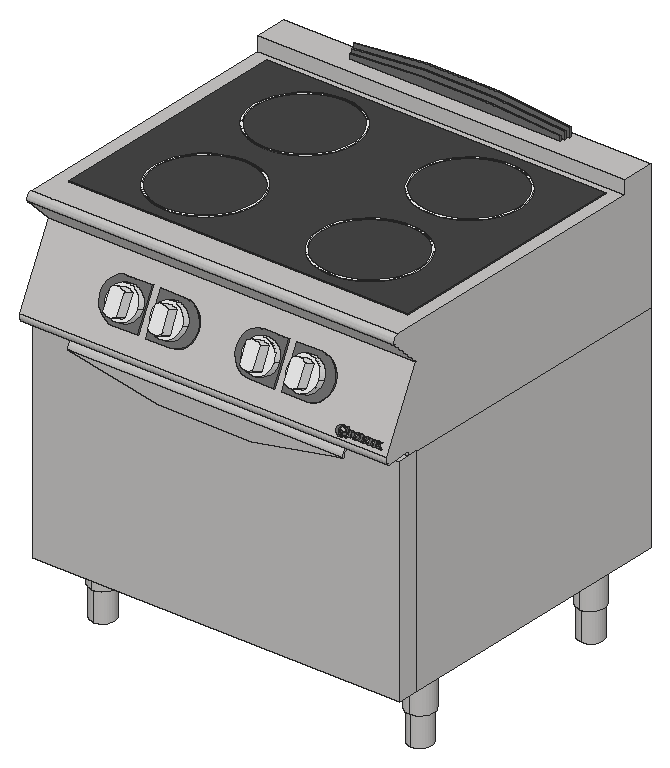
Revit family "QF_GIORIK_CV740E", category Specialty Equipment, Revit 2014
Parameters (values of type "CV740E")
  Weight in Pounds = 286.6006
  Watts = 14400 W
  Volts = 400 V
  URL Cutsheet = "www.giorik.com"
  URL = "www.giorik.com"
  Status [instance] = ""
  Specification by User [instance] = ""
  Specification by Manufacturer = ""
  Show Logo [instance] = yes
  Show Clearance [instance] = yes
  Serial Number = ""
  Seismic Rating = ""
  SMACNA No = ""
  Revision Code [instance] = ""
  Phase = 3
  Number of Poles [instance] = 3
  NAFEM Spec ID Number = ""
  Model = "CV740E"
  Min Ckt Ampacity = 0 A
  Max Overcurrent Protection = 0 A
  Masterspec = ""
  Manufacturer = "GIORIK"
  Item Number [instance] = ""
  Installed By [instance] = ""
  Identify Quantity as Lot [instance] = no
  HP = "19.310688000000"
  Furnished By [instance] = ""
  Foodservice Equipment Identifier [instance] = yes
  FL Amps = 0 A
  Electrical Remarks [instance] = ""
  Electric Connection Type [instance] = ""
  Elec Conn RI Height [instance] = 0 mm
  Elec Conn Connection Height [instance] = 150 mm
  Description = "CERAMIC GLASS HOB ON ELECTRIC OVEN"
  Cycle = 50 Hz
  Conn Plug = ""
  CSI MasterFormat = ""
  Assembly Code = "E1090320"
  Apparent Power = 14400 VA
Reference planes
  plane 1 "Back": y = 0
  plane 2: z = 0
  plane 3 "Left": x = 0
  plane 4 "Right": x = 800
  plane 5 "Front": y = -720
  plane 6 "Top": z = 900
Forms (mm)
  Extrusion 1, solid, visible <- "Show Logo"
    sketch origin (591.604, -736.761, 609.486) x (-1, 0, 0) y (0, 0.452718, 0.891654)
      loop
        line (-118.824, 58.358) -> (-127.804, 58.358) -> (-125.523, 56.445) -> (-125.523, 48.027) -> (-127.804, 46.113) -> (-118.824, 46.113) -> (-121.105, 48.027) -> (-121.105, 56.445) -> (-118.824, 58.358)
      loop
        line (-163.721, 58.358) -> (-172.7, 58.358) -> (-170.42, 56.445) -> (-170.42, 48.027) -> (-172.7, 46.113) -> (-163.721, 46.113) -> (-166.001, 48.027) -> (-166.001, 56.445) -> (-163.721, 58.358)
      loop
        line (-174.332, 58.358) -> (-183.312, 58.358) -> (-181.031, 56.445) -> (-181.031, 52.435) -> (-186.419, 56.955) -> (-184.416, 58.358) -> (-191.268, 58.358) -> (-188.01, 56.839) -> (-185.455, 54.283) -> (-190.846, 47.858) -> (-193.396, 46.93) -> (-193.396, 46.113) -> (-184.416, 46.113) -> (-185.437, 47.571) -> (-182.443, 51.552) -> (-181.031, 50.894) -> (-181.031, 48.027) -> (-183.312, 46.113) -> (-174.332, 46.113) -> (-176.613, 48.027) -> (-176.613, 56.445) -> (-174.332, 58.358)
      loop
        line (-115.429, 62.063) -> (-115.429, 54.198)
        arc (-115.429, 54.198) -> (-111.618, 57.803) -> (-106.847, 59.986) r 16.039
        arc (-106.847, 59.986) -> (-103.314, 59.837) -> (-100.512, 57.68) r 5.851
        arc (-100.512, 57.68) -> (-98.815, 52.267) -> (-100.512, 46.853) r 9.479
        arc (-100.512, 46.853) -> (-102.406, 44.986) -> (-104.846, 43.93) r 7.236
        arc (-104.846, 43.93) -> (-107.728, 44.111) -> (-110.052, 45.825) r 5.11
        line (-110.052, 45.825) -> (-110.052, 52.001) -> (-116.141, 52.001) -> (-116.141, 45.503) -> (-117.893, 43.751) -> (-114.094, 44.769)
        arc (-114.094, 44.769) -> (-112.56, 44.947) -> (-111.129, 44.366) r 3.115
        arc (-111.129, 44.366) -> (-104.216, 42.091) -> (-97.303, 44.366) r 11.641
        arc (-97.303, 44.366) -> (-93.396, 52.107) -> (-97.303, 59.849) r 9.622
        arc (-97.303, 59.849) -> (-104.369, 62.174) -> (-111.435, 59.849) r 11.898
        line (-111.435, 59.849) -> (-115.429, 62.063)
      loop
        arc (-129.234, 56.068) -> (-135.893, 58.628) -> (-142.552, 56.068) r 9.941
        arc (-142.552, 56.068) -> (-144.234, 52.286) -> (-142.552, 48.505) r 5.093
        arc (-142.552, 48.505) -> (-135.893, 45.945) -> (-129.234, 48.505) r 9.941
        arc (-129.234, 48.505) -> (-127.552, 52.286) -> (-129.234, 56.068) r 5.093
      loop
        arc (-132.628, 54.403) -> (-135.893, 57.668) -> (-139.158, 54.403) r 3.265
        line (-139.158, 54.403) -> (-139.158, 50.169)
        arc (-139.158, 50.169) -> (-135.893, 46.904) -> (-132.628, 50.169) r 3.265
        line (-132.628, 50.169) -> (-132.628, 54.403)
      loop
        arc (-156.363, 58.365) -> (-159.647, 55.081) -> (-156.363, 51.796) r 3.285
        line (-156.363, 51.796) -> (-159.529, 47.306) -> (-162.087, 46.113) -> (-155.847, 46.113) -> (-153.529, 51.083) -> (-150.637, 51.083) -> (-150.637, 47.784) -> (-153.022, 46.113) -> (-144.011, 46.113) -> (-146.094, 47.68) -> (-146.094, 56.493) -> (-144.229, 58.365) -> (-156.363, 58.365)
      loop
        line (-150.637, 57.512) -> (-153.637, 57.512)
        arc (-153.637, 57.512) -> (-156.237, 54.912) -> (-153.637, 52.312) r 2.6
        line (-153.637, 52.312) -> (-150.637, 52.312) -> (-150.637, 57.512)
      loop
        line (-108.924, 52.001) -> (-104.936, 49.005) -> (-100.948, 52.001) -> (-108.924, 52.001)
    from 1.5 to -0.5
  Extrusion 2, solid
    sketch origin (-16, 1025.81, 0) x (1, 0, 0) y (0, 1, 0)
      loop
        line (25, -1086.81) -> (25, -1156.81) -> (115, -1156.81) -> (115, -1086.81) -> (25, -1086.81)
    from 148 to 150
  Extrusion 3, solid
    sketch origin (-4, 0, 130) x (1, 0, 0) y (0, 1, 0)
      loop
        circle (54, -385) r 12.5
    from 0 to 20
  Extrusion 4, solid
    sketch origin (0, 1000, -20) x (0, 1, 0) y (0, 0, 1)
      loop
        line (-1000, 919.988) -> (-1070, 919.988) -> (-1070, 889.988) -> (-1688.806, 889.988)
        arc (-1688.806, 889.988) -> (-1699.151, 883.075) -> (-1696.724, 870.873) r 11.197
        line (-1696.724, 870.873) -> (-1640.876, 815.025) -> (-1718.948, 661.258)
        arc (-1718.948, 661.258) -> (-1718.233, 650.105) -> (-1708.118, 645.354) r 10.981
        line (-1708.118, 645.354) -> (-1660, 649.925) -> (-1660, 640) -> (-1000, 640) -> (-1000, 919.988)
    from 0 to 800
  Extrusion 5, solid
    sketch origin (0, 0, 599.536) x (1, 0, 0) y (0, 1, 0)
      loop
        line (0, -640) -> (40, -640) -> (40, -40) -> (760, -40) -> (760, -640) -> (800, -640) -> (800, 0) -> (0, 0) -> (0, -640)
    from -449.536 to 20.464
  Extrusion 6, solid
    sketch origin (0, 0, 0) x (1, 0, 0) y (0, 1, 0)
      loop
        line (40, -40) -> (40, -640) -> (760, -640) -> (760, -40) -> (40, -40)
    from 150 to 190
  Extrusion 7, solid
    sketch origin (-16, 560.81, 0) x (1, 0, 0) y (0, 1, 0)
      loop
        line (25, -1086.81) -> (25, -1156.81) -> (115, -1156.81) -> (115, -1086.81) -> (25, -1086.81)
    from 148 to 150
  Revolve 8, solid
    sketch origin (54, 560.81, 0) x (0, 1, 0) y (0, 0, 1)
      loop
        line (-1092.56, 66) -> (-1092.56, 148) -> (-1121.81, 148) -> (-1121.81, 0) -> (-1096.81, 0) -> (-1096.81, 66) -> (-1092.56, 66)
      axis (-1121.81, 0) -> (-1121.81, 148)
    angle from 0 to 360
  Revolve 9, solid
    sketch origin (54, 1025.81, 0) x (0, 1, 0) y (0, 0, 1)
      loop
        line (-1092.56, 66) -> (-1092.56, 148) -> (-1121.81, 148) -> (-1121.81, 0) -> (-1096.81, 0) -> (-1096.81, 66) -> (-1092.56, 66)
      axis (-1121.81, 0) -> (-1121.81, 148)
    angle from 0 to 360
  Extrusion 10, solid
    sketch origin (816, 560.81, 0) x (-1, 0, 0) y (0, -1, 0)
      loop
        line (25, 1086.81) -> (115, 1086.81) -> (115, 1156.81) -> (25, 1156.81) -> (25, 1086.81)
    from 148 to 150
  Revolve 11, solid
    sketch origin (746, 560.81, 0) x (0, 1, 0) y (0, 0, -1)
      loop
        line (-1092.56, -66) -> (-1096.81, -66) -> (-1096.81, 0) -> (-1121.81, 0) -> (-1121.81, -148) -> (-1092.56, -148) -> (-1092.56, -66)
      axis (-1121.81, 0) -> (-1121.81, -148)
    angle from 0 to 360
  Extrusion 12, solid
    sketch origin (816, -1217.81, 0) x (-1, 0, 0) y (0, -1, 0)
      loop
        line (25, -1086.81) -> (25, -1156.81) -> (115, -1156.81) -> (115, -1086.81) -> (25, -1086.81)
    from 148 to 150
  Revolve 13, solid
    sketch origin (746, -1217.81, 0) x (0, -1, 0) y (0, 0, 1)
      loop
        line (-1092.56, 66) -> (-1092.56, 148) -> (-1121.81, 148) -> (-1121.81, 0) -> (-1096.81, 0) -> (-1096.81, 66) -> (-1092.56, 66)
      axis (-1121.81, 0) -> (-1121.81, 148)
    angle from 0 to 360
  Extrusion 14, solid
    sketch origin (-220.755, -963.345, 52.363) x (1, 0, 0) y (0, 0.452718, 0.891654)
      loop
        line (463.221, 676.25) -> (463.221, 766.25) -> (409.698, 766.25)
        arc (409.698, 766.25) -> (364.698, 721.25) -> (409.698, 676.25) r 45
        line (409.698, 676.25) -> (463.221, 676.25)
    from 48 to 50
  Extrusion 15, solid
    sketch origin (553.797, -1008.697, 74.959) x (-1, 0, 0) y (0, -0.45351, -0.891251)
      loop
        circle (351.331, -721.346) r 35
    from 0 to 15
  Extrusion 16, solid
    sketch origin (553.797, -1008.697, 74.959) x (-1, 0, 0) y (0, -0.45351, -0.891251)
      loop
        arc (336.331, -743.846) -> (351.331, -748.846) -> (366.331, -743.846) r 25
        line (366.331, -743.846) -> (366.331, -698.846)
        arc (366.331, -698.846) -> (351.331, -693.846) -> (336.331, -698.846) r 25
        line (336.331, -698.846) -> (336.331, -743.846)
    from 15 to 40
  Extrusion 17, solid
    sketch origin (723.221, -963.345, 52.363) x (-1, 0, 0) y (0, -0.452718, -0.891654)
      loop
        line (463.221, -676.25) -> (409.698, -676.25)
        arc (409.698, -676.25) -> (364.698, -721.25) -> (409.698, -766.25) r 45
        line (409.698, -766.25) -> (463.221, -766.25) -> (463.221, -676.25)
    from 48 to 50
  Extrusion 18, solid
    sketch origin (-51.331, -1008.697, 74.959) x (1, 0, 0) y (0, 0.45351, 0.891251)
      loop
        circle (351.331, 721.346) r 35
    from 0 to 15
  Extrusion 19, solid
    sketch origin (-51.331, -1008.697, 74.959) x (1, 0, 0) y (0, 0.45351, 0.891251)
      loop
        line (336.331, 743.846) -> (336.331, 698.846)
        arc (336.331, 698.846) -> (351.331, 693.846) -> (366.331, 698.846) r 25
        line (366.331, 698.846) -> (366.331, 743.846)
        arc (366.331, 743.846) -> (351.331, 748.846) -> (336.331, 743.846) r 25
    from 15 to 40
  Extrusion 20, solid
    sketch origin (76.779, -963.345, 52.363) x (1, 0, 0) y (0, 0.452718, 0.891654)
      loop
        line (463.221, 676.25) -> (463.221, 766.25) -> (409.698, 766.25)
        arc (409.698, 766.25) -> (364.698, 721.25) -> (409.698, 676.25) r 45
        line (409.698, 676.25) -> (463.221, 676.25)
    from 48 to 50
  Extrusion 21, solid
    sketch origin (851.331, -1008.697, 74.959) x (-1, 0, 0) y (0, -0.45351, -0.891251)
      loop
        circle (351.331, -721.346) r 35
    from 0 to 15
  Extrusion 22, solid
    sketch origin (851.331, -1008.697, 74.959) x (-1, 0, 0) y (0, -0.45351, -0.891251)
      loop
        arc (336.331, -743.846) -> (351.331, -748.846) -> (366.331, -743.846) r 25
        line (366.331, -743.846) -> (366.331, -698.846)
        arc (366.331, -698.846) -> (351.331, -693.846) -> (336.331, -698.846) r 25
        line (336.331, -698.846) -> (336.331, -743.846)
    from 15 to 40
  Extrusion 23, solid
    sketch origin (1020.755, -963.345, 52.363) x (-1, 0, 0) y (0, -0.452718, -0.891654)
      loop
        line (463.221, -676.25) -> (409.698, -676.25)
        arc (409.698, -676.25) -> (364.698, -721.25) -> (409.698, -766.25) r 45
        line (409.698, -766.25) -> (463.221, -766.25) -> (463.221, -676.25)
    from 48 to 50
  Extrusion 24, solid
    sketch origin (246.203, -1008.697, 74.959) x (1, 0, 0) y (0, 0.45351, 0.891251)
      loop
        circle (351.331, 721.346) r 35
    from 0 to 15
  Extrusion 25, solid
    sketch origin (246.203, -1008.697, 74.959) x (1, 0, 0) y (0, 0.45351, 0.891251)
      loop
        line (336.331, 743.846) -> (336.331, 698.846)
        arc (336.331, 698.846) -> (351.331, 693.846) -> (366.331, 698.846) r 25
        line (366.331, 698.846) -> (366.331, 743.846)
        arc (366.331, 743.846) -> (351.331, 748.846) -> (336.331, 743.846) r 25
    from 15 to 40
  Extrusion 26, solid
    sketch origin (36.031, 0, -10.001) x (1, 0, 0) y (0, 0, 1)
      loop
        line (135, 909.989) -> (592.969, 909.989) -> (592.969, 919.989) -> (440.969, 929.989) -> (287, 929.989) -> (135, 919.989) -> (135, 909.989)
    from 32 to 35
  Extrusion 27, solid
    sketch origin (38, 10, -10.001) x (1, 0, 0) y (0, 0, 1)
      loop
        line (594, 909.989) -> (594, 924.989) -> (440, 937.489) -> (284, 937.489) -> (130, 925.001) -> (130, 909.989) -> (594, 909.989)
    from 32 to 35
  Extrusion 28, solid
    sketch origin (40, 20, -10.001) x (1, 0, 0) y (0, 0, 1)
      loop
        line (595, 909.989) -> (595, 930.001) -> (439, 945.258) -> (281, 945.258) -> (125, 929.989) -> (125, 909.989) -> (595, 909.989)
    from 32 to 35
  Extrusion 29, solid
    sketch origin (0.216, 0.239, 821) x (0, 1, 0) y (-1, 0, 0)
      loop
        line (-625, -30) -> (-625, -769.568) -> (-85, -769.568) -> (-85, -30) -> (-625, -30)
    from 48 to 50
  Extrusion 30, solid
    sketch origin (30.216, -722.261, 848.488) x (0, -1, 0) y (1, 0, 0)
      loop
        circle (-231.5, 189.999) r 110
      loop
        circle (-231.5, 189.999) r 106.5
    from 23 to 20.512
  Extrusion 31, solid
    sketch origin (30.216, -450.261, 848.488) x (0, -1, 0) y (1, 0, 0)
      loop
        circle (-231.5, 189.999) r 110
      loop
        circle (-231.5, 189.999) r 106.5
    from 23 to 20.512
  Extrusion 32, solid
    sketch origin (769.784, -722.261, 848.488) x (0, -1, 0) y (1, 0, 0)
      loop
        circle (-231.5, -189.999) r 110
      loop
        circle (-231.5, -189.999) r 106.5
    from 23 to 20.512
  Extrusion 33, solid
    sketch origin (769.784, -450.261, 848.488) x (0, -1, 0) y (1, 0, 0)
      loop
        circle (-231.5, -189.999) r 110
      loop
        circle (-231.5, -189.999) r 106.5
    from 23 to 20.512
  Extrusion 34, solid
    sketch origin (0, -725, 0) x (1, 0, 0) y (0, 0, 1)
      loop
        line (0, 620) -> (0, 150) -> (800, 150) -> (800, 620) -> (0, 620)
    from -85 to -40
  Extrusion 35, solid
    sketch origin (2.5, -725, -20.1) x (0, 1, 0) y (0, 0, 1)
      loop
        arc (25, 640.1) -> (14.393, 635.707) -> (10, 625.1) r 15
        line (10, 625.1) -> (12, 625.1)
        arc (12, 625.1) -> (15.808, 634.292) -> (25, 638.1) r 13
        line (25, 638.1) -> (40, 638.1) -> (40, 640.1) -> (25, 640.1)
    from 97.5 to 697.5
  Extrusion 36, solid
    sketch origin (2.5, -724.905, -20.1) x (1, 0, 0) y (0, 0, 1)
      loop
        arc (97.5, 625.1) -> (397.5, 582.413) -> (697.5, 625.1) r 1075.531
        line (697.5, 625.1) -> (97.5, 625.1)
    from -11.905 to -9.905
  Extrusion 37, solid, visible <- "Show Clearance", detail levels coarse
    sketch origin (0, 0, 0) x (0, 1, 0) y (0, 0, 1)
      loop
        line (-685, 150) -> (-685, 620)
        arc (-685, 620) -> (-1017.34, 482.34) -> (-1155, 150) r 470
        line (-1155, 150) -> (-685, 150)
    from 0 to 800
Lines and regions (mm)
  symbolic lines, style "200-EquipBorder-2D"
    curve 1: line (0, -720, 0) -> (800, -720, 0)
    curve 2: line (800, -720, 0) -> (800, 0, 0)
    curve 3: line (800, 0, 0) -> (0, 0, 0)
    curve 4: line (0, 0, 0) -> (0, -720, 0)
  symbolic lines, style "200-EquipInternal-2D"
    curve 5: line (0, -70, 900) -> (800, -70, 900)
    curve 6: line (165, -12, 900) -> (635, -12, 900)
    curve 7: line (635, -12, 900) -> (635, -15, 900)
    curve 8: line (635, -15, 900) -> (165, -15, 900)
    curve 9: line (165, -15, 900) -> (165, -12, 900)
    curve 10: line (168, -22, 900) -> (632, -22, 900)
    curve 11: line (632, -22, 900) -> (632, -25, 900)
    curve 12: line (632, -25, 900) -> (168, -25, 900)
    curve 13: line (168, -25, 900) -> (168, -22, 900)
    curve 14: line (171.031, -32, 900) -> (629, -32, 900)
    curve 15: line (629, -32, 900) -> (629, -35, 900)
    curve 16: line (629, -35, 900) -> (171.031, -35, 900)
    curve 17: line (171.031, -35, 900) -> (171.031, -32, 900)
    curve 18: line (769.784, -84.761, 900) -> (30.216, -84.761, 900)
    curve 19: line (30.216, -84.761, 900) -> (30.216, -624.761, 900)
    curve 20: line (30.216, -624.761, 900) -> (769.784, -624.761, 900)
    curve 21: circle (220.215, -218.761, 900) r 110 normal (0, 0, 1)
    curve 22: circle (220.215, -218.761, 900) r 106.5 normal (0, 0, 1)
    curve 23: circle (220.215, -490.761, 900) r 110 normal (0, 0, 1)
    curve 24: circle (220.215, -490.761, 900) r 106.5 normal (0, 0, 1)
    curve 25: line (769.784, -84.761, 900) -> (769.784, -624.761, 900)
    curve 26: circle (579.785, -218.761, 900) r 110 normal (0, 0, -1)
    curve 27: circle (579.785, -218.761, 900) r 106.5 normal (0, 0, -1)
    curve 28: circle (579.785, -490.761, 900) r 110 normal (0, 0, -1)
    curve 29: circle (579.785, -490.761, 900) r 106.5 normal (0, 0, -1)
  symbolic lines, style "QF_Door-Drawer Clearances", visible <- "Show Clearance", detail levels coarse
    curve 30: line (0, -720, 0) -> (0, -1155, 0)
    curve 31: line (0, -1155, 900) -> (800, -1155, 900)
    curve 32: line (800, -1155, 900) -> (800, -720, 900)
Dimensions and locks
  plane 3 "Left" to plane 4 "Right" = 800 mm
  plane 5 "Front" to plane 1 "Back" = 720 mm
  plane 4 "Right" to plane 3 "Left" = 800 mm
  plane 1 "Back" to plane 5 "Front" = 720 mm
  plane 6 "Top" to level = 900 mm  (x2)
  aligned and locked: level to plane 2
Connectors
  electrical at (50, -385, 130), driven by "Apparent Power", driven by "Volts", driven by "Number of Poles"
    settings: on Extrusion 3, index 1, voltage 400 V, apparent load 0 VA, apparent load phase1 14400 VA, apparent load phase2 0 VA, apparent load phase3 0 VA, power factor 1, load classification "Other", number of poles 3, system type 31, power factor state 1, is connector primary yes, connector utility no, sub classification motor no, connector description "Electrical connection"
